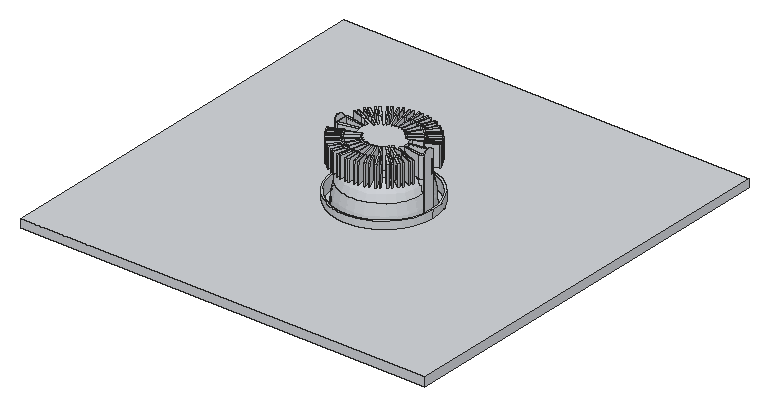
Revit family "Tempo-X161-80-IP44", category Lighting Fixtures, Revit 2014
Parameters (values of type "Tempo X161 80º IP44")
  Wattage Comments = "19.5"
  Wattage = 19.5 W
  built-in parameter 1150110 = 1 (stored number, unit not read)
  Type Comments = "Recessed"
  Type = "Tempo X161 80º IP44"
  built-in parameter 1114217 = 1 (stored number, unit not read)
  Tilt Angle = 90.00°
  built-in parameter 1150109 = 1 (stored number, unit not read)
  built-in parameter 1150134 = (empty or 0)
  built-in parameter 1150113 = 1 (stored number, unit not read)
  Photometric Web File = "C7681-20Axxx.ies"
  O/A Diameter (mm) = "161"
  built-in parameter 1150142 = "IESNA:LM-63-2002\r\n[MANUFAC] DAL Ltd\r\n[_EULUMDAT_ITYP] 1\r\n[_EULUMDAT_HDIST] 90\r\n[_EULUMD_VDIST] 2.5\r\n[TEST] \r\n[LUMINAIRE] Tempo X161 80º\r\n[LUMCAT] C768120AXX\r\n[_EULUM_FILENAME] \r\n[ISSUEDATE] 04.02.16\r\n[_EULUM_AREALENGTH] 150\r\n[_EULUM_AREAWIDTH] 0\r\n[_EULUM_C0_LUM] 0\r\n[_EULUM_C90_LUM] 0\r\n[_EULUM_C180_LUM] 0\r\n[_EULUM_C270_LUM] 0\r\n[_EULUM_DOWN_FLUX] 100\r\n[_EULUM_EFFICIENCY] 78\r\n[_EULUM_CONV] 1\r\n[_EULUM_TILT] 0\r\n[_EULUM_LAMP_1_NUM] 1\r\n[_EULUM_LAMP_1_TYPE] Xicato\r\n[_EULUM_LAMP_1_FLUX] 2000\r\n[_EULUM_LAMP_1_COLOR] \r\n[_EULUM_LAMP_1_CRG] Ra80\r\n[_EULUM_LAMP_1_WATTS] 19.5\r\n[LAMP] Xicato\r\n[_EULUM_DR_0] 0\r\n[_EULUM_DR_1] 0\r\n[_EULUM_DR_2] 0\r\n[_EULUM_DR_3] 0\r\n[_EULUM_DR_4] 0\r\n[_EULUM_DR_5] 0\r\n[_EULUM_DR_6] 0\r\n[_EULUM_DR_7] 0\r\n[_EULUM_DR_8] 0\r\n[_EULUM_DR_9] 0\r\nTILT=NONE\r\n1 2000 1 73 1 1 2 -0.15 -0.15 0\r\n1 1 19.5\r\n0 2.5 5 7.5 10 12.5 15 17.5 20 22.5 25 27.5 30 32.5 35 37.5 40 42.5 45 47.5 50 52.5 55 57.5 60 62.5 65 67.5 70 72.5 75 77.5 80 82.5 85 87.5 90 92.5 95 97.5 100 102.5 105 107.5 110 112.5 115 117.5 120 122.5 125 127.5 130 132.5 135 137.5 140 142.5 145 147.5\r\n 150 152.5 155 157.5 160 162.5 165 167.5 170 172.5 175 177.5 180\r\n0\r\n925.722 920.734 916.382 914.228 919.65 935.314 953.372 979.094 1007.264 1034.222 1058.222 1069.248 1061.032 1030.068 930.28 715.304 441.094 229.03 130.387 89.731 65.737 48.676 36.128 28.471 22.361 16.832 12.683 9.376 7.191 5.129 3.679 3.06 2.156 1.145 \r\n0.598 0.495 0.00 0.00 0.00 0.00 0.00 0.00 0.00 0.00 0.00 0.00 0.00 0.00 0.00 0.00 0.00 0.00 0.00 0.00 0.00 0.00 0.00 0.00 0.00 0.00 0.00 0.00 0.00 0.00 0.00 0.00 0.00 0.00 0.00 0.00 0.00 0.00 0.00\r\n"
  Model = "C7681"
  Manufacturer = "Designed Architectural Lighting"
  Luminous flux of luminaire (lm) = "2000"
  Lumens = 1998.75 lm
  built-in parameter 1150115 = 1 (stored number, unit not read)
  built-in parameter 1150105 = 159.06 (stored number, unit not read)
  built-in parameter 1150137 = (empty or 0)
  built-in parameter 1150139 = (empty or 0)
  built-in parameter 1150112 = 1 (stored number, unit not read)
  built-in parameter 1150114 = 1 (stored number, unit not read)
  Lamp = "LED"
  built-in parameter 1150132 = (empty or 0)
  built-in parameter 1150102 = (empty or 0)
  built-in parameter 1150138 = (empty or 0)
  built-in parameter 1150107 = 3000 (stored number, unit not read)
  built-in parameter 1150106 = 1.5906 (stored number, unit not read)
  Height (mm) = "102"
  built-in parameter 1150104 = 9.5226 (stored number, unit not read)
  Dimming Lamp Color Temperature Shift = <None>
  Description = "Recessed IP44 LED downlighter"
  Cut Out (mm) = "147"
  Colour temperature (K) = "2700, 3000, 3500, 4000K"
  Color Filter = 16777215
  CRI = "80"
  built-in parameter 1114218 = 1 (stored number, unit not read)
  built-in parameter 1150133 = 10 (stored number, unit not read)
  Apparent Load = 19.5 VA
  Aperture (mm) = "126"
Reference planes
  plane 1 "Light Source Axis (F/B)": y = 0
  plane 2: z = 0
  plane 3 "Light Source Axis (L/R)": x = 0
  plane 4 "Light Source Elevation": z = 0
Forms (mm)
  Extrusion 1, solid
    sketch origin (26.249, 2.013, 0) x (0, 1, 0) y (-1, 0, 0)
      loop
        line (-9.76, -39.191) -> (-9.76, -40.839) -> (5.202, -40.839) -> (5.202, -39.191) -> (-9.76, -39.191)
    from 4.896 to 101.917
  Extrusion 2, solid
    sketch origin (-106.271, 2.013, 0) x (0, 1, 0) y (-1, 0, 0)
      loop
        line (-9.76, -39.191) -> (-9.76, -40.839) -> (5.202, -40.839) -> (5.202, -39.191) -> (-9.76, -39.191)
    from 4.896 to 101.917
  Extrusion 3, solid
    sketch origin (0, 0, 0) x (1, 0, 0) y (0, 1, 0)
      loop
        line (6.664, -49.816) -> (9.797, -67.585)
        arc (9.797, -67.585) -> (10.669, -68.174) -> (11.258, -67.301) r 0.744
        line (11.258, -67.301) -> (8.543, -50.165)
        arc (8.543, -50.165) -> (9.457, -48.81) -> (10.812, -49.724) r 1.156
        line (10.812, -49.724) -> (14.914, -66.649)
        arc (14.914, -66.649) -> (15.891, -67.245) -> (16.487, -66.268) r 0.809
        line (16.487, -66.268) -> (12.17, -48.457)
        arc (12.17, -48.457) -> (11.389, -47.099) -> (10, -46.375) r 2.794
        line (10, -46.375) -> (6.087, -26.242)
        arc (6.087, -26.242) -> (7.029, -24.172) -> (8.966, -25.363) r 1.517
        line (8.966, -25.363) -> (16.661, -44.408)
        arc (16.661, -44.408) -> (15.796, -45.906) -> (15.917, -47.631) r 2.958
        line (15.917, -47.631) -> (22.383, -64.476)
        arc (22.383, -64.476) -> (23.351, -64.887) -> (23.763, -63.919) r 0.744
        line (23.763, -63.919) -> (17.828, -47.615)
        arc (17.828, -47.615) -> (18.467, -46.111) -> (19.971, -46.749) r 1.156
        line (19.971, -46.749) -> (27.227, -62.58)
        arc (27.227, -62.58) -> (28.3, -62.979) -> (28.698, -61.906) r 0.809
        line (28.698, -61.906) -> (21.063, -45.246)
        arc (21.063, -45.246) -> (20.037, -44.062) -> (18.536, -43.616) r 2.794
        line (18.536, -43.616) -> (10.853, -24.601)
        arc (10.853, -24.601) -> (11.598, -22.613) -> (13.641, -23.186) r 1.569
        line (13.641, -23.186) -> (24.828, -40.413)
        arc (24.828, -40.413) -> (24.265, -42.048) -> (24.713, -43.719) r 2.958
        line (24.713, -43.719) -> (34.274, -59.021)
        arc (34.274, -59.021) -> (35.303, -59.239) -> (35.522, -58.21) r 0.744
        line (35.522, -58.21) -> (26.586, -43.338)
        arc (26.586, -43.338) -> (26.926, -41.74) -> (28.525, -42.08) r 1.156
        line (28.525, -42.08) -> (38.668, -56.235)
        arc (38.668, -56.235) -> (39.797, -56.422) -> (39.983, -55.293) r 0.809
        line (39.983, -55.293) -> (29.309, -40.396)
        arc (29.309, -40.396) -> (28.077, -39.43) -> (26.517, -39.278) r 2.794
        line (26.517, -39.278) -> (15.347, -22.078)
        arc (15.347, -22.078) -> (15.616, -19.525) -> (18.168, -19.257) r 2.039
        line (18.168, -19.257) -> (32.552, -34.152)
        arc (32.552, -34.152) -> (32.311, -35.864) -> (33.07, -37.419) r 2.958
        line (33.07, -37.419) -> (45.375, -50.615)
        arc (45.375, -50.615) -> (46.427, -50.633) -> (46.445, -49.582) r 0.744
        line (46.445, -49.582) -> (34.836, -36.688)
        arc (34.836, -36.688) -> (34.864, -35.054) -> (36.498, -35.082) r 1.156
        line (36.498, -35.082) -> (49.156, -47.043)
        arc (49.156, -47.043) -> (50.3, -47.01) -> (50.268, -45.866) r 0.809
        line (50.268, -45.866) -> (36.947, -33.28)
        arc (36.947, -33.28) -> (35.553, -32.567) -> (33.994, -32.716) r 2.794
        line (33.994, -32.716) -> (19.747, -17.963)
        arc (19.747, -17.963) -> (19.711, -15.866) -> (21.801, -15.687) r 1.536
        line (21.801, -15.687) -> (38.627, -27.469)
        arc (38.627, -27.469) -> (38.717, -29.197) -> (39.758, -30.578) r 2.958
        line (39.758, -30.578) -> (54.355, -41.183)
        arc (54.355, -41.183) -> (55.392, -41.001) -> (55.209, -39.965) r 0.744
        line (55.209, -39.965) -> (41.352, -29.523)
        arc (41.352, -29.523) -> (41.069, -27.914) -> (42.678, -27.63) r 1.156
        line (42.678, -27.63) -> (57.386, -36.955)
        arc (57.386, -36.955) -> (58.502, -36.705) -> (58.252, -35.589) r 0.809
        line (58.252, -35.589) -> (42.775, -25.775)
        arc (42.775, -25.775) -> (41.27, -25.341) -> (39.768, -25.785) r 2.794
        line (39.768, -25.785) -> (22.968, -14.021)
        arc (22.968, -14.021) -> (22.469, -12.009) -> (24.393, -11.239) r 1.578
        line (24.393, -11.239) -> (43.158, -19.594)
        arc (43.158, -19.594) -> (43.577, -21.272) -> (44.862, -22.43) r 2.958
        line (44.862, -22.43) -> (61.215, -30.055)
        arc (61.215, -30.055) -> (62.197, -29.678) -> (61.82, -28.696) r 0.744
        line (61.82, -28.696) -> (46.226, -21.09)
        arc (46.226, -21.09) -> (45.64, -19.565) -> (47.166, -18.979) r 1.156
        line (47.166, -18.979) -> (63.383, -25.327)
        arc (63.383, -25.327) -> (64.431, -24.868) -> (63.972, -23.82) r 0.809
        line (63.972, -23.82) -> (46.907, -17.14)
        arc (46.907, -17.14) -> (45.347, -17) -> (43.957, -17.723) r 2.794
        line (43.957, -17.723) -> (31.438, -12.149)
        arc (31.438, -12.149) -> (31.267, -8.471) -> (33.361, -5.443) r 5.752
        line (33.361, -5.443) -> (60.614, -10.248)
        arc (60.614, -10.248) -> (63.736, -9.613) -> (65.586, -7.019) r 4.346
        line (65.586, -7.019) -> (65.586, 7.019)
        arc (65.586, 7.019) -> (63.736, 9.613) -> (60.614, 10.248) r 4.346
        line (60.614, 10.248) -> (33.361, 5.443)
        arc (33.361, 5.443) -> (31.267, 8.471) -> (31.438, 12.149) r 5.752
        line (31.438, 12.149) -> (43.957, 17.723)
        arc (43.957, 17.723) -> (45.347, 17) -> (46.907, 17.14) r 2.794
        line (46.907, 17.14) -> (63.972, 23.82)
        arc (63.972, 23.82) -> (64.431, 24.868) -> (63.383, 25.327) r 0.809
        line (63.383, 25.327) -> (47.166, 18.979)
        arc (47.166, 18.979) -> (45.64, 19.565) -> (46.226, 21.09) r 1.156
        line (46.226, 21.09) -> (61.82, 28.696)
        arc (61.82, 28.696) -> (62.197, 29.678) -> (61.215, 30.055) r 0.744
        line (61.215, 30.055) -> (44.862, 22.43)
        arc (44.862, 22.43) -> (43.577, 21.272) -> (43.158, 19.594) r 2.958
        line (43.158, 19.594) -> (24.393, 11.239)
        arc (24.393, 11.239) -> (22.469, 12.009) -> (22.968, 14.021) r 1.578
        line (22.968, 14.021) -> (39.768, 25.785)
        arc (39.768, 25.785) -> (41.27, 25.341) -> (42.775, 25.775) r 2.794
        line (42.775, 25.775) -> (58.252, 35.589)
        arc (58.252, 35.589) -> (58.502, 36.705) -> (57.386, 36.955) r 0.809
        line (57.386, 36.955) -> (42.678, 27.63)
        arc (42.678, 27.63) -> (41.069, 27.914) -> (41.352, 29.523) r 1.156
        line (41.352, 29.523) -> (55.209, 39.965)
        arc (55.209, 39.965) -> (55.392, 41.001) -> (54.355, 41.183) r 0.744
        line (54.355, 41.183) -> (39.758, 30.578)
        arc (39.758, 30.578) -> (38.717, 29.197) -> (38.627, 27.469) r 2.958
        line (38.627, 27.469) -> (21.801, 15.687)
        arc (21.801, 15.687) -> (19.711, 15.866) -> (19.747, 17.963) r 1.536
        line (19.747, 17.963) -> (33.994, 32.716)
        arc (33.994, 32.716) -> (35.553, 32.567) -> (36.947, 33.28) r 2.794
        line (36.947, 33.28) -> (50.268, 45.866)
        arc (50.268, 45.866) -> (50.3, 47.01) -> (49.156, 47.043) r 0.809
        line (49.156, 47.043) -> (36.498, 35.082)
        arc (36.498, 35.082) -> (34.864, 35.054) -> (34.836, 36.688) r 1.156
        line (34.836, 36.688) -> (46.445, 49.582)
        arc (46.445, 49.582) -> (46.427, 50.633) -> (45.375, 50.615) r 0.744
        line (45.375, 50.615) -> (33.07, 37.419)
        arc (33.07, 37.419) -> (32.311, 35.864) -> (32.552, 34.152) r 2.958
        line (32.552, 34.152) -> (18.168, 19.257)
        arc (18.168, 19.257) -> (15.616, 19.525) -> (15.347, 22.078) r 2.039
        line (15.347, 22.078) -> (26.517, 39.278)
        arc (26.517, 39.278) -> (28.077, 39.43) -> (29.309, 40.396) r 2.794
        line (29.309, 40.396) -> (39.983, 55.293)
        arc (39.983, 55.293) -> (39.797, 56.422) -> (38.668, 56.235) r 0.809
        line (38.668, 56.235) -> (28.525, 42.08)
        arc (28.525, 42.08) -> (26.926, 41.74) -> (26.586, 43.338) r 1.156
        line (26.586, 43.338) -> (35.522, 58.21)
        arc (35.522, 58.21) -> (35.303, 59.239) -> (34.274, 59.021) r 0.744
        line (34.274, 59.021) -> (24.713, 43.719)
        arc (24.713, 43.719) -> (24.265, 42.048) -> (24.828, 40.413) r 2.958
        line (24.828, 40.413) -> (13.641, 23.186)
        arc (13.641, 23.186) -> (11.598, 22.613) -> (10.853, 24.601) r 1.569
        line (10.853, 24.601) -> (18.536, 43.616)
        arc (18.536, 43.616) -> (20.037, 44.062) -> (21.063, 45.246) r 2.794
        line (21.063, 45.246) -> (28.698, 61.906)
        arc (28.698, 61.906) -> (28.3, 62.979) -> (27.227, 62.58) r 0.809
        line (27.227, 62.58) -> (19.971, 46.749)
        arc (19.971, 46.749) -> (18.467, 46.111) -> (17.828, 47.615) r 1.156
        line (17.828, 47.615) -> (23.763, 63.919)
        arc (23.763, 63.919) -> (23.351, 64.887) -> (22.383, 64.476) r 0.744
        line (22.383, 64.476) -> (15.917, 47.631)
        arc (15.917, 47.631) -> (15.796, 45.906) -> (16.661, 44.408) r 2.958
        line (16.661, 44.408) -> (8.966, 25.363)
        arc (8.966, 25.363) -> (7.029, 24.172) -> (6.087, 26.242) r 1.517
        line (6.087, 26.242) -> (10, 46.375)
        arc (10, 46.375) -> (11.389, 47.099) -> (12.17, 48.457) r 2.794
        line (12.17, 48.457) -> (16.487, 66.268)
        arc (16.487, 66.268) -> (15.891, 67.245) -> (14.914, 66.649) r 0.809
        line (14.914, 66.649) -> (10.812, 49.724)
        arc (10.812, 49.724) -> (9.457, 48.81) -> (8.543, 50.165) r 1.156
        line (8.543, 50.165) -> (11.258, 67.301)
        arc (11.258, 67.301) -> (10.669, 68.174) -> (9.797, 67.585) r 0.744
        line (9.797, 67.585) -> (6.664, 49.816)
        arc (6.664, 49.816) -> (6.875, 48.099) -> (8.009, 46.794) r 2.958
        line (8.009, 46.794) -> (4.11, 26.732)
        arc (4.11, 26.732) -> (2.621, 25.243) -> (1.133, 26.732) r 1.489
        line (1.133, 26.732) -> (1.133, 47.273)
        arc (1.133, 47.273) -> (2.496, 48.338) -> (3.03, 49.983) r 2.958
        line (3.03, 49.983) -> (3.345, 68.023)
        arc (3.345, 68.023) -> (2.601, 68.767) -> (1.857, 68.023) r 0.744
        line (1.857, 68.023) -> (1.252, 50.684)
        arc (1.252, 50.684) -> (0.096, 49.528) -> (-1.059, 50.684) r 1.156
        line (-1.059, 50.684) -> (-1.856, 68.08)
        arc (-1.856, 68.08) -> (-2.702, 68.851) -> (-3.473, 68.006) r 0.809
        line (-3.473, 68.006) -> (-2.634, 49.699)
        arc (-2.634, 49.699) -> (-2.127, 48.217) -> (-0.902, 47.241) r 2.794
        line (-0.902, 47.241) -> (-0.902, 26.631)
        arc (-0.902, 26.631) -> (-2.496, 25.036) -> (-4.09, 26.631) r 1.594
        line (-4.09, 26.631) -> (-8.009, 46.794)
        arc (-8.009, 46.794) -> (-6.875, 48.099) -> (-6.664, 49.816) r 2.958
        line (-6.664, 49.816) -> (-9.797, 67.585)
        arc (-9.797, 67.585) -> (-10.669, 68.174) -> (-11.258, 67.301) r 0.744
        line (-11.258, 67.301) -> (-8.543, 50.165)
        arc (-8.543, 50.165) -> (-9.457, 48.81) -> (-10.812, 49.724) r 1.156
        line (-10.812, 49.724) -> (-14.914, 66.649)
        arc (-14.914, 66.649) -> (-15.891, 67.245) -> (-16.487, 66.268) r 0.809
        line (-16.487, 66.268) -> (-12.17, 48.457)
        arc (-12.17, 48.457) -> (-11.389, 47.099) -> (-10, 46.375) r 2.794
        line (-10, 46.375) -> (-6.087, 26.242)
        arc (-6.087, 26.242) -> (-7.021, 24.149) -> (-8.966, 25.363) r 1.52
        line (-8.966, 25.363) -> (-16.661, 44.408)
        arc (-16.661, 44.408) -> (-15.796, 45.906) -> (-15.917, 47.631) r 2.958
        line (-15.917, 47.631) -> (-22.383, 64.476)
        arc (-22.383, 64.476) -> (-23.351, 64.887) -> (-23.763, 63.919) r 0.744
        line (-23.763, 63.919) -> (-17.828, 47.615)
        arc (-17.828, 47.615) -> (-18.467, 46.111) -> (-19.971, 46.749) r 1.156
        line (-19.971, 46.749) -> (-27.227, 62.58)
        arc (-27.227, 62.58) -> (-28.3, 62.979) -> (-28.698, 61.906) r 0.809
        line (-28.698, 61.906) -> (-21.063, 45.246)
        arc (-21.063, 45.246) -> (-20.037, 44.062) -> (-18.536, 43.616) r 2.794
        line (-18.536, 43.616) -> (-10.853, 24.601)
        arc (-10.853, 24.601) -> (-11.463, 22.348) -> (-13.641, 23.186) r 1.572
        line (-13.641, 23.186) -> (-24.828, 40.413)
        arc (-24.828, 40.413) -> (-24.265, 42.048) -> (-24.713, 43.719) r 2.958
        line (-24.713, 43.719) -> (-34.274, 59.021)
        arc (-34.274, 59.021) -> (-35.303, 59.239) -> (-35.522, 58.21) r 0.744
        line (-35.522, 58.21) -> (-26.586, 43.338)
        arc (-26.586, 43.338) -> (-26.926, 41.74) -> (-28.525, 42.08) r 1.156
        line (-28.525, 42.08) -> (-38.668, 56.235)
        arc (-38.668, 56.235) -> (-39.797, 56.422) -> (-39.983, 55.293) r 0.809
        line (-39.983, 55.293) -> (-29.309, 40.396)
        arc (-29.309, 40.396) -> (-28.077, 39.43) -> (-26.517, 39.278) r 2.794
        line (-26.517, 39.278) -> (-15.347, 22.078)
        arc (-15.347, 22.078) -> (-15.464, 19.259) -> (-18.283, 19.376) r 1.995
        line (-18.283, 19.376) -> (-32.552, 34.152)
        arc (-32.552, 34.152) -> (-32.311, 35.864) -> (-33.07, 37.419) r 2.958
        line (-33.07, 37.419) -> (-45.375, 50.615)
        arc (-45.375, 50.615) -> (-46.427, 50.633) -> (-46.445, 49.582) r 0.744
        line (-46.445, 49.582) -> (-34.836, 36.688)
        arc (-34.836, 36.688) -> (-34.864, 35.054) -> (-36.498, 35.082) r 1.156
        line (-36.498, 35.082) -> (-49.156, 47.043)
        arc (-49.156, 47.043) -> (-50.3, 47.01) -> (-50.268, 45.866) r 0.809
        line (-50.268, 45.866) -> (-36.947, 33.28)
        arc (-36.947, 33.28) -> (-35.553, 32.567) -> (-33.994, 32.716) r 2.794
        line (-33.994, 32.716) -> (-19.747, 17.963)
        arc (-19.747, 17.963) -> (-19.769, 15.918) -> (-21.801, 15.687) r 1.544
        line (-21.801, 15.687) -> (-38.627, 27.469)
        arc (-38.627, 27.469) -> (-38.717, 29.197) -> (-39.758, 30.578) r 2.958
        line (-39.758, 30.578) -> (-54.355, 41.183)
        arc (-54.355, 41.183) -> (-55.392, 41.001) -> (-55.209, 39.965) r 0.744
        line (-55.209, 39.965) -> (-41.352, 29.523)
        arc (-41.352, 29.523) -> (-41.069, 27.914) -> (-42.678, 27.63) r 1.156
        line (-42.678, 27.63) -> (-57.386, 36.955)
        arc (-57.386, 36.955) -> (-58.502, 36.705) -> (-58.252, 35.589) r 0.809
        line (-58.252, 35.589) -> (-42.775, 25.775)
        arc (-42.775, 25.775) -> (-41.27, 25.341) -> (-39.768, 25.785) r 2.794
        line (-39.768, 25.785) -> (-23.019, 14.057)
        arc (-23.019, 14.057) -> (-22.346, 11.985) -> (-24.393, 11.239) r 1.568
        line (-24.393, 11.239) -> (-43.158, 19.594)
        arc (-43.158, 19.594) -> (-43.577, 21.272) -> (-44.862, 22.43) r 2.958
        line (-44.862, 22.43) -> (-61.215, 30.055)
        arc (-61.215, 30.055) -> (-62.197, 29.678) -> (-61.82, 28.696) r 0.744
        line (-61.82, 28.696) -> (-46.226, 21.09)
        arc (-46.226, 21.09) -> (-45.64, 19.565) -> (-47.166, 18.979) r 1.156
        line (-47.166, 18.979) -> (-63.383, 25.327)
        arc (-63.383, 25.327) -> (-64.431, 24.868) -> (-63.972, 23.82) r 0.809
        line (-63.972, 23.82) -> (-46.907, 17.14)
        arc (-46.907, 17.14) -> (-45.347, 17) -> (-43.957, 17.723) r 2.794
        line (-43.957, 17.723) -> (-31.269, 12.074)
        arc (-31.269, 12.074) -> (-31.503, 8.573) -> (-32.598, 5.239) r 14.046
        line (-32.598, 5.239) -> (-59.312, 10.432)
        arc (-59.312, 10.432) -> (-62.715, 10.104) -> (-65.39, 7.976) r 6.018
        line (-65.39, 7.976) -> (-65.39, 3.599) -> (-65.39, -3.599) -> (-65.39, -7.976)
        arc (-65.39, -7.976) -> (-62.715, -10.104) -> (-59.312, -10.432) r 6.018
        line (-59.312, -10.432) -> (-32.598, -5.239)
        arc (-32.598, -5.239) -> (-31.503, -8.573) -> (-31.269, -12.074) r 14.046
        line (-31.269, -12.074) -> (-43.957, -17.723)
        arc (-43.957, -17.723) -> (-45.347, -17) -> (-46.907, -17.14) r 2.794
        line (-46.907, -17.14) -> (-63.972, -23.82)
        arc (-63.972, -23.82) -> (-64.431, -24.868) -> (-63.383, -25.327) r 0.809
        line (-63.383, -25.327) -> (-47.166, -18.979)
        arc (-47.166, -18.979) -> (-45.64, -19.565) -> (-46.226, -21.09) r 1.156
        line (-46.226, -21.09) -> (-61.82, -28.696)
        arc (-61.82, -28.696) -> (-62.197, -29.678) -> (-61.215, -30.055) r 0.744
        line (-61.215, -30.055) -> (-44.862, -22.43)
        arc (-44.862, -22.43) -> (-43.577, -21.272) -> (-43.158, -19.594) r 2.958
        line (-43.158, -19.594) -> (-24.393, -11.239)
        arc (-24.393, -11.239) -> (-22.346, -11.985) -> (-23.019, -14.057) r 1.568
        line (-23.019, -14.057) -> (-39.768, -25.785)
        arc (-39.768, -25.785) -> (-41.27, -25.341) -> (-42.775, -25.775) r 2.794
        line (-42.775, -25.775) -> (-58.252, -35.589)
        arc (-58.252, -35.589) -> (-58.502, -36.705) -> (-57.386, -36.955) r 0.809
        line (-57.386, -36.955) -> (-42.678, -27.63)
        arc (-42.678, -27.63) -> (-41.069, -27.914) -> (-41.352, -29.523) r 1.156
        line (-41.352, -29.523) -> (-55.209, -39.965)
        arc (-55.209, -39.965) -> (-55.392, -41.001) -> (-54.355, -41.183) r 0.744
        line (-54.355, -41.183) -> (-39.758, -30.578)
        arc (-39.758, -30.578) -> (-38.717, -29.197) -> (-38.627, -27.469) r 2.958
        line (-38.627, -27.469) -> (-21.801, -15.687)
        arc (-21.801, -15.687) -> (-19.769, -15.918) -> (-19.747, -17.963) r 1.544
        line (-19.747, -17.963) -> (-33.994, -32.716)
        arc (-33.994, -32.716) -> (-35.553, -32.567) -> (-36.947, -33.28) r 2.794
        line (-36.947, -33.28) -> (-50.268, -45.866)
        arc (-50.268, -45.866) -> (-50.3, -47.01) -> (-49.156, -47.043) r 0.809
        line (-49.156, -47.043) -> (-36.498, -35.082)
        arc (-36.498, -35.082) -> (-34.864, -35.054) -> (-34.836, -36.688) r 1.156
        line (-34.836, -36.688) -> (-46.445, -49.582)
        arc (-46.445, -49.582) -> (-46.427, -50.633) -> (-45.375, -50.615) r 0.744
        line (-45.375, -50.615) -> (-33.07, -37.419)
        arc (-33.07, -37.419) -> (-32.311, -35.864) -> (-32.552, -34.152) r 2.958
        line (-32.552, -34.152) -> (-18.283, -19.376)
        arc (-18.283, -19.376) -> (-15.464, -19.259) -> (-15.347, -22.078) r 1.995
        line (-15.347, -22.078) -> (-26.517, -39.278)
        arc (-26.517, -39.278) -> (-28.077, -39.43) -> (-29.309, -40.396) r 2.794
        line (-29.309, -40.396) -> (-39.983, -55.293)
        arc (-39.983, -55.293) -> (-39.797, -56.422) -> (-38.668, -56.235) r 0.809
        line (-38.668, -56.235) -> (-28.525, -42.08)
        arc (-28.525, -42.08) -> (-26.926, -41.74) -> (-26.586, -43.338) r 1.156
        line (-26.586, -43.338) -> (-35.522, -58.21)
        arc (-35.522, -58.21) -> (-35.303, -59.239) -> (-34.274, -59.021) r 0.744
        line (-34.274, -59.021) -> (-24.713, -43.719)
        arc (-24.713, -43.719) -> (-24.265, -42.048) -> (-24.828, -40.413) r 2.958
        line (-24.828, -40.413) -> (-13.641, -23.186)
        arc (-13.641, -23.186) -> (-11.463, -22.348) -> (-10.853, -24.601) r 1.572
        line (-10.853, -24.601) -> (-18.536, -43.616)
        arc (-18.536, -43.616) -> (-20.037, -44.062) -> (-21.063, -45.246) r 2.794
        line (-21.063, -45.246) -> (-28.698, -61.906)
        arc (-28.698, -61.906) -> (-28.3, -62.979) -> (-27.227, -62.58) r 0.809
        line (-27.227, -62.58) -> (-19.971, -46.749)
        arc (-19.971, -46.749) -> (-18.467, -46.111) -> (-17.828, -47.615) r 1.156
        line (-17.828, -47.615) -> (-23.763, -63.919)
        arc (-23.763, -63.919) -> (-23.351, -64.887) -> (-22.383, -64.476) r 0.744
        line (-22.383, -64.476) -> (-15.917, -47.631)
        arc (-15.917, -47.631) -> (-15.796, -45.906) -> (-16.661, -44.408) r 2.958
        line (-16.661, -44.408) -> (-8.966, -25.363)
        arc (-8.966, -25.363) -> (-7.021, -24.149) -> (-6.087, -26.242) r 1.52
        line (-6.087, -26.242) -> (-10, -46.375)
        arc (-10, -46.375) -> (-11.389, -47.099) -> (-12.17, -48.457) r 2.794
        line (-12.17, -48.457) -> (-16.487, -66.268)
        arc (-16.487, -66.268) -> (-15.891, -67.245) -> (-14.914, -66.649) r 0.809
        line (-14.914, -66.649) -> (-10.812, -49.724)
        arc (-10.812, -49.724) -> (-9.457, -48.81) -> (-8.543, -50.165) r 1.156
        line (-8.543, -50.165) -> (-11.258, -67.301)
        arc (-11.258, -67.301) -> (-10.669, -68.174) -> (-9.797, -67.585) r 0.744
        line (-9.797, -67.585) -> (-6.664, -49.816)
        arc (-6.664, -49.816) -> (-6.875, -48.099) -> (-8.009, -46.794) r 2.958
        line (-8.009, -46.794) -> (-4.09, -26.631)
        arc (-4.09, -26.631) -> (-2.496, -25.036) -> (-0.902, -26.631) r 1.594
        line (-0.902, -26.631) -> (-0.902, -47.241)
        arc (-0.902, -47.241) -> (-2.127, -48.217) -> (-2.634, -49.699) r 2.794
        line (-2.634, -49.699) -> (-3.473, -68.006)
        arc (-3.473, -68.006) -> (-2.702, -68.851) -> (-1.856, -68.08) r 0.809
        line (-1.856, -68.08) -> (-1.059, -50.684)
        arc (-1.059, -50.684) -> (0.096, -49.528) -> (1.252, -50.684) r 1.156
        line (1.252, -50.684) -> (1.857, -68.023)
        arc (1.857, -68.023) -> (2.601, -68.767) -> (3.345, -68.023) r 0.744
        line (3.345, -68.023) -> (3.03, -49.983)
        arc (3.03, -49.983) -> (2.496, -48.338) -> (1.133, -47.273) r 2.958
        line (1.133, -47.273) -> (1.133, -26.732)
        arc (1.133, -26.732) -> (2.621, -25.243) -> (4.11, -26.732) r 1.489
        line (4.11, -26.732) -> (8.009, -46.794)
        arc (8.009, -46.794) -> (6.875, -48.099) -> (6.664, -49.816) r 2.958
      loop
        line (33.87, -2.936) -> (62.854, -8.047) -> (62.854, 8.047) -> (33.87, 2.936)
        arc (33.87, 2.936) -> (33.153, 0) -> (33.87, -2.936) r 6.371
      loop
        arc (-33.915, -3.014) -> (-33.296, 0) -> (-33.915, 3.014) r 7.653
        line (-33.915, 3.014) -> (-62.757, 7.583) -> (-62.757, -7.583) -> (-33.915, -3.014)
    from 64.823 to 95.279
  Extrusion 4, void
    sketch origin (0, 0, -9.763) x (0, 1, 0) y (0, 0, 1)
      loop
        line (7.215, 105.671) -> (8.36, 105.671) -> (8.36, 113.252) -> (-8.843, 113.252) -> (-8.843, 105.671) -> (-7.747, 105.671)
        arc (-7.747, 105.671) -> (-0.266, 111.774) -> (7.215, 105.671) r 7.636
    from 59.955 to 69.49
  Extrusion 5, void
    sketch origin (0, 0.001, -9.49) x (0, 1, 0) y (0, 0, 1)
      loop
        line (7.215, 105.671) -> (8.36, 105.671) -> (8.36, 113.253) -> (-8.843, 113.253) -> (-8.843, 105.671) -> (-7.747, 105.671)
        arc (-7.747, 105.671) -> (-0.266, 111.774) -> (7.215, 105.671) r 7.636
    from -71.118 to -62.757
  Extrusion 6, solid
    sketch origin (0, 0, 0) x (1, 0, 0) y (0, 1, 0)
      loop
        line (-298.853, 299.394) -> (-298.853, -300.606) -> (301.147, -300.606) -> (301.147, 299.394) -> (-298.853, 299.394)
      loop
        circle (0, 0) r 73.5
    from 0 to 12.5
  Revolve 7, solid
    sketch origin (0, 0, 0) x (1, 0, 0) y (0, 0, 1)
      loop
        line (80.713, 0) -> (73.281, 0) -> (73.281, 22.7) -> (70.85, 22.7) -> (70.85, 0) -> (63.134, 0) -> (63.134, -2.251) -> (80.713, -2.251) -> (80.713, 0)
      axis (0, 22.7) -> (0, -2.251)
    angle from 0 to 360
  Revolve 8, solid
    sketch origin (0, 0, 0) x (1, 0, 0) y (0, 0, 1)
      loop
        line (70.349, 3.484) -> (0, 3.484) -> (0, 0) -> (70.349, 0) -> (70.349, 3.484)
      axis (0, 3.484) -> (0, 0)
    angle from 0 to 360
  Revolve 9, solid
    sketch origin (0, 0, 0) x (1, 0, 0) y (0, 0, 1)
      loop
        line (70.108, 3.484) -> (70.108, 4.896) -> (62.581, 4.896)
        arc (62.581, 4.896) -> (61.672, 21.632) -> (58.436, 38.078) r 119.832
        arc (58.436, 38.078) -> (52.243, 51.942) -> (42.097, 63.238) r 48.913
        line (42.097, 63.238) -> (0, 63.238) -> (0, 62.21) -> (41.586, 62.21)
        arc (41.586, 62.21) -> (50.635, 51.982) -> (56.298, 39.555) r 46.195
        arc (56.298, 39.555) -> (59.946, 22.396) -> (61.17, 4.896) r 125.743
        arc (61.17, 4.896) -> (61.583, 3.898) -> (62.581, 3.484) r 1.412
        line (62.581, 3.484) -> (70.108, 3.484)
      axis (0, 63.238) -> (0, 3.484)
    angle from 0 to 360
Cuts and joins
  Extrusion 4 cuts Extrusion 1
  Extrusion 5 cuts Extrusion 2
Dimensions and locks
  aligned and locked: plane 3 "Light Source Axis (L/R)" to imposter light
  aligned and locked: plane 1 "Light Source Axis (F/B)" to imposter light
  aligned and locked: plane 4 "Light Source Elevation" to imposter light
  aligned and locked: level to plane 2
